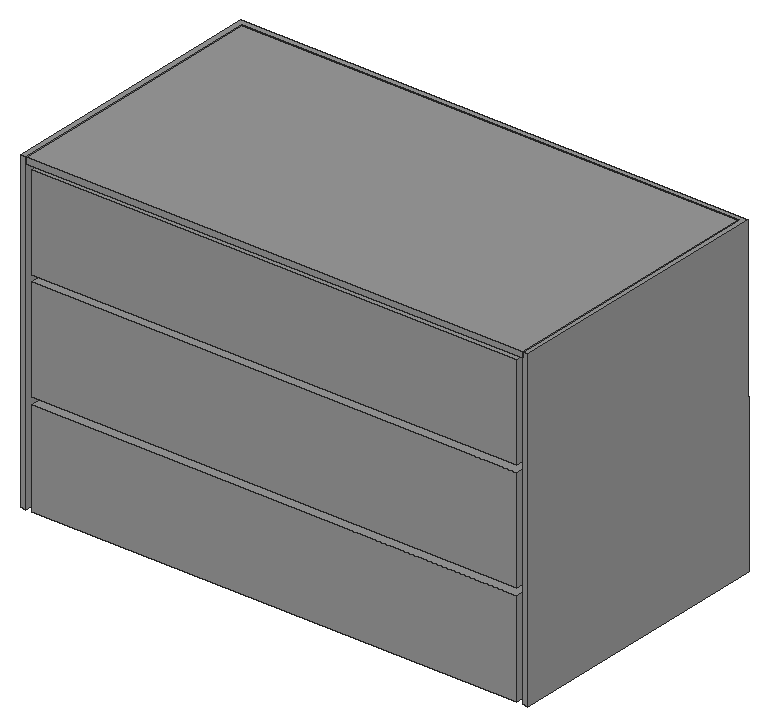
Revit family "АВЛН_Кровать выкатная", category Мебель, Revit 2019
Family settings
  Номер OmniClass = 23.40.20.00
  Заголовок OmniClass = General Furniture and Specialties
  На основе рабочей плоскости = Нет
  Всегда вертикально = Да
  При загрузке вырезать с полостями = Нет
  Общий = Нет
  Точка расчета площади = Нет
Parameters (values of type "Кровать выкатная 3-х ярусная с тумбой 1385х750х860")
  Описание = "Кровать выкатная 3-х ярусная с тумбой \r\n1385х750х860"
  Type Comments = ""
  Keynote = ""
  Manufacturer = ""
  Группа модели = "Оборудование основных помещений школы"
  ADSK_Размер_Ширина = 750 mm
  ADSK_Размер_Длина = 1385 mm
  ADSK_Размер_Высота = 860 mm
  ADSK_Обозначение = "аКр-3-т-м"
  ADSK_Масса = 0
  ADSK_Код изделия = ""
  ADSK_Единица измерения = "шт"  # constant formula
Types (3, lengths in mm): name | ADSK_Размер_Длина
  (no name) | 1385
  Кровать выкатная 3-х ярусная с тумбой 1385х750х860 | 1385
  Кровать выкатная 3-х ярусная с тумбой 1572х750х860 | 1570
Reference planes
  plane 1 "По центру (Вперед/Назад)": y = 0
  plane 2: z = 0
  plane 3 "По центру (Влево/Вправо)": x = 0
  plane 4: z = 860
  plane 5: y = 375
  plane 6: x = 692.5
  plane 7: x = -692.5
  plane 8: y = -375
  plane 9: y = -1125
  plane 10: y = -1875
Forms (mm)
  Extrusion 1, solid, material "Деревянная обшивка, ДСП"
    sketch origin (0, -518.993, 592.976) x (-1, 0, 0) y (0, -1, 0)
      loop
        line (692.5, -143.993) -> (677.5, -143.993) -> (677.5, -878.993) -> (-677.5, -878.993) -> (-677.5, -143.993) -> (-692.5, -143.993) -> (-692.5, -893.993) -> (692.5, -893.993) -> (692.5, -143.993)
    from -592.976 to 267.024
  Extrusion 2, solid, material "Деревянная обшивка, ДСП"
    sketch origin (0, -518.993, 845) x (-1, 0, 0) y (0, -1, 0)
      loop
        line (677.5, -878.993) -> (677.5, -143.993) -> (-677.5, -143.993) -> (-677.5, -878.993) -> (677.5, -878.993)
    from 0 to 15
  Extrusion 3, solid, material "Деревянная обшивка, ДСП"
    sketch origin (0, -518.993, 592.976) x (-1, 0, 0) y (0, -1, 0)
      loop
        line (662.5, -863.993) -> (662.5, -143.993) -> (-662.5, -143.993) -> (-662.5, -863.993) -> (662.5, -863.993)
    from -592.976 to -332.976
  Extrusion 4, solid, material "Деревянная обшивка, ДСП"
    sketch origin (0, -518.993, 952.976) x (-1, 0, 0) y (0, -1, 0)
      loop
        line (662.5, -863.993) -> (662.5, -143.993) -> (-662.5, -143.993) -> (-662.5, -863.993) -> (662.5, -863.993)
    from -672.976 to -392.976
  Extrusion 5, solid, material "Деревянная обшивка, ДСП"
    sketch origin (0, -518.993, 1212.976) x (-1, 0, 0) y (0, -1, 0)
      loop
        line (662.5, -863.993) -> (662.5, -143.993) -> (-662.5, -143.993) -> (-662.5, -863.993) -> (662.5, -863.993)
    from -634.298 to -377.976
Lines and regions (mm)
  symbolic lines, style "FurnitureHiddenLines"
    curve 1: line (677.5, -375, 592.976) -> (677.5, -1125, 592.976)
    curve 2: line (-677.5, -375, 592.976) -> (-677.5, -1125, 592.976)
    curve 3: line (662.5, -1875, 592.976) -> (-652.5, -1875, 592.976)
    curve 4: line (-677.5, -1125, 592.976) -> (677.5, -1125, 592.976)
    curve 5: line (-662.5, -1125, 592.976) -> (-662.5, -1875, 592.976)
    curve 6: line (662.5, -1125, 592.976) -> (662.5, -1875, 592.976)
Dimensions and locks
  plane 2 to plane 4 = 860 mm
  equal spacing: plane 8, plane 1 "По центру (Вперед/Назад)", plane 5
  equal spacing: plane 7, plane 3 "По центру (Влево/Вправо)", plane 6
  "ADSK_Размер_Длина": plane 7 to plane 6
  "ADSK_Размер_Ширина": plane 5 to plane 8
  "ADSK_Размер_Высота": plane 2 to plane 4
  locked: Extrusion 1 sketch curve to plane 6 at 15
  locked: plane 5 to Extrusion 1 sketch curve at 15
  locked: plane 7 to Extrusion 1 sketch curve at 15
  locked: Extrusion 2 to plane 4 at 15
  locked: plane 5 to Extrusion 3 sketch curve at 30
  locked: plane 7 to Extrusion 3 sketch curve at 30
  locked: Extrusion 3 sketch curve to plane 6 at 30
  locked: level to Extrusion 3 at 260
  locked: plane 5 to Extrusion 4 sketch curve at 30
  locked: plane 7 to Extrusion 4 sketch curve at 30
  locked: Extrusion 4 sketch curve to plane 6 at 30
  level to Extrusion 4 to Extrusion 4 to Extrusion 5 = 280 mm locked, 280 mm locked, 275 mm locked
  locked: plane 7 to Extrusion 5 sketch curve at 30
  locked: plane 5 to Extrusion 5 sketch curve at 30
  locked: Extrusion 5 sketch curve to plane 6 at 30
  "ADSK_Размер_Ширина": plane 8 to plane 9
  "ADSK_Размер_Ширина": plane 9 to plane 10
  aligned and locked: level to plane 2
  aligned and locked: Extrusion 1 sketch curve to plane 8
  aligned and locked: plane 7 to Extrusion 1 sketch curve
  aligned and locked: Extrusion 1 sketch curve to plane 5
  aligned and locked: Extrusion 1 sketch curve to plane 6
  aligned and locked: plane 8 to Extrusion 1 sketch curve
  aligned and locked: Extrusion 1 to level
  aligned and locked: Extrusion 1 to plane 4
  aligned and locked: Extrusion 2 sketch curve to Extrusion 1  (x4)
  aligned and locked: Extrusion 2 to plane 4
  aligned and locked: plane 8 to Extrusion 3 sketch curve
  aligned and locked: Extrusion 3 to level
  aligned and locked: plane 8 to curve 2
  aligned and locked: plane 8 to curve 1
  aligned and locked: plane 9 to curve 6
  aligned and locked: plane 10 to curve 6
  aligned and locked: plane 9 to curve 5
  aligned and locked: Extrusion 2 to curve 2
  aligned and locked: curve 1 to Extrusion 2
  aligned and locked: Extrusion 5 to curve 6
  aligned and locked: Extrusion 5 to curve 5
Automatic sketch dimensions
  Extrusion 4 sketch curve to plane 8 = 0 mm
  Extrusion 5 sketch curve to plane 8 = 0 mm
  plane 7 to curve 3 = 40 mm
  curve 5 to plane 10 = 0 mm
